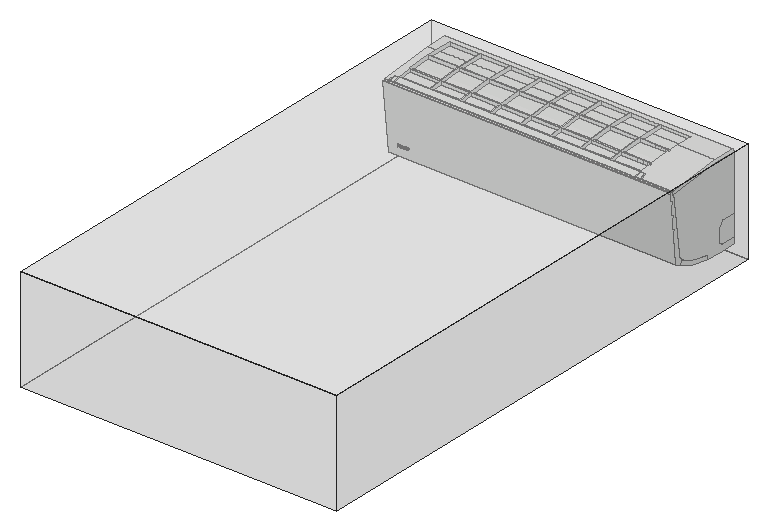
Revit family "outputfile", category 機械設備, Revit 2024
Family settings
  丸型コネクタ寸法 = 半径を使用
  パーツ タイプ = 標準
  OmniClass 番号 = 23.75.10.24.21.27.27
  OmniClass タイトル = Split System Air Conditioning Units
  作業面ベース = いいえ
  常に垂直 = はい
  ロード時にボイドで切り取り = いいえ
  注釈の向きを維持 = いいえ
  共有 = いいえ
  部屋計算ポイント = いいえ
Parameters (values of type "FTKF71DVA")
  Description = ""
  書き出し IFC クラス(タイプ) = "IfcUnitaryEquipmentType"
  定義済み IFC タイプ(タイプ) = "AIRCONDITIONINGUNIT"
  Cost = 0
  Type Comments = ""
  Keynote = ""
  Type Image = (empty or 0)
  Assembly Code = ""
  switch_frequency = yes
  lw_connection [instance] = if(Width = 730.0 mm, 85.0 mm, if(Width = 770.0 mm, 48.0 mm, 60.0 mm))  # 60.0 mm
  製造元 = "Daikin"
  モデル = "FTKF71DVA"
  r_Liquid Pipe Size = Liquid Pipe Size / 2  # 3.2 mm
  r_Gas Pipe Size = Gas Pipe Size / 2  # 6.35 mm
  r_Drain Pipe Size = Drain Pipe Size / 2  # 9.55 mm
  lw_powersupply [instance] = if(Width = 730.0 mm, if(or(Rear Right Connection_refrigerant, Bottom Right Connection_refrigerant), 65.0 mm, if(or(Rear Left Connection_refrigerant, Bottom Left Connection_refrigerant), 695.0 mm, 400.0 mm)), if(Width = 770.0 mm, if(or(Rear Right Connection_refrigerant, Bottom Right Connection_refrigerant), 68.0 mm, if(or(Rear Left Connection_refrigerant, Bottom Left Connection_refrigerant), 705.0 mm, 400.0 mm)), if(or(Rear Right Connection_refrigerant, Bottom Right Connection_refrigerant), 83.0 mm, if(or(Rear Left Connection_refrigerant, Bottom Left Connection_refrigerant), 928.0 mm, 400.0 mm))))  # 400.0 mm
  lw_liquidpipe [instance] = if(Width = 730.0 mm, if(or(Rear Right Connection_refrigerant, Bottom Right Connection_refrigerant), 0.0 mm, if(or(Rear Left Connection_refrigerant, Bottom Left Connection_refrigerant), 582.0 mm, 473.0 mm)), if(Width = 770.0 mm, if(or(Rear Right Connection_refrigerant, Bottom Right Connection_refrigerant), 0.0 mm, if(or(Rear Left Connection_refrigerant, Bottom Left Connection_refrigerant), 682.0 mm, 385.0 mm)), if(or(Rear Right Connection_refrigerant, Bottom Right Connection_refrigerant), 10.0 mm, if(or(Rear Left Connection_refrigerant, Bottom Left Connection_refrigerant), 858.0 mm, 435.0 mm))))  # 435.0 mm
  lw_gaspipe [instance] = if(Width = 730.0 mm, if(or(Rear Right Connection_refrigerant, Bottom Right Connection_refrigerant), 0.0 mm, if(or(Rear Left Connection_refrigerant, Bottom Left Connection_refrigerant), 576.0 mm, 428.0 mm)), if(Width = 770.0 mm, if(or(Rear Right Connection_refrigerant, Bottom Right Connection_refrigerant), 0.0 mm, if(or(Rear Left Connection_refrigerant, Bottom Left Connection_refrigerant), 675.0 mm, 335.0 mm)), if(or(Rear Right Connection_refrigerant, Bottom Right Connection_refrigerant), 0.0 mm, if(or(Rear Left Connection_refrigerant, Bottom Left Connection_refrigerant), 851.0 mm, 400.0 mm))))  # 400.0 mm
  lw_drainpipe [instance] = if(Width = 730.0 mm, if(or(Rear Right Connection_refrigerant, Bottom Right Connection_refrigerant), 0.0 mm, if(or(Rear Left Connection_refrigerant, Bottom Left Connection_refrigerant), 590.0 mm, 488.0 mm)), if(Width = 770.0 mm, if(or(Rear Right Connection_refrigerant, Bottom Right Connection_refrigerant), 0.0 mm, if(or(Rear Left Connection_refrigerant, Bottom Left Connection_refrigerant), 695.0 mm, 440.0 mm)), if(or(Rear Right Connection_refrigerant, Bottom Right Connection_refrigerant), 0.0 mm, if(or(Rear Left Connection_refrigerant, Bottom Left Connection_refrigerant), 888.0 mm, 475.0 mm))))  # 475.0 mm
  l_powersupply_length [instance] = if(Width = 730.0 mm, if(Right Connection_refrigerant, 400.0 mm, if(Left Connection_refrigerant, 330.0 mm, if(or(Bottom Left Connection_refrigerant, Bottom Right Connection_refrigerant), 57.0 mm, if(or(Rear Left Connection_refrigerant, Rear Right Connection_refrigerant), 15.0 mm, 50.0 mm)))), if(Width = 770.0 mm, if(Right Connection_refrigerant, 400.0 mm, if(Left Connection_refrigerant, 370.0 mm, if(or(Bottom Left Connection_refrigerant, Bottom Right Connection_refrigerant), 57.0 mm, if(or(Rear Left Connection_refrigerant, Rear Right Connection_refrigerant), 15.0 mm, 50.0 mm)))), if(Right Connection_refrigerant, 400.0 mm, if(Left Connection_refrigerant, 590.0 mm, if(or(Bottom Left Connection_refrigerant, Bottom Right Connection_refrigerant), 57.0 mm, if(or(Rear Left Connection_refrigerant, Rear Right Connection_refrigerant), 15.0 mm, 50.0 mm))))))  # 400.0 mm
  l_liquidpipe_length [instance] = if(Width = 730.0 mm, if(Right Connection_refrigerant, 558.0 mm, if(Left Connection_refrigerant, 172.0 mm, if(or(Bottom Left Connection_refrigerant, Bottom Right Connection_refrigerant), 48.0 mm, if(or(Rear Left Connection_refrigerant, Rear Right Connection_refrigerant), 30.0 mm, 40.0 mm)))), if(Width = 770.0 mm, if(Right Connection_refrigerant, 433.0 mm, if(Left Connection_refrigerant, 337.0 mm, if(or(Bottom Left Connection_refrigerant, Bottom Right Connection_refrigerant), 48.0 mm, if(or(Rear Left Connection_refrigerant, Rear Right Connection_refrigerant), 30.0 mm, 40.0 mm)))), if(Right Connection_refrigerant, 495.0 mm, if(Left Connection_refrigerant, 495.0 mm, if(or(Bottom Left Connection_refrigerant, Bottom Right Connection_refrigerant), 48.0 mm, if(or(Rear Left Connection_refrigerant, Rear Right Connection_refrigerant), 30.0 mm, 40.0 mm))))))  # 495.0 mm
  l_gaspipe_length [instance] = if(Width = 730.0 mm, if(Right Connection_refrigerant, 513.0 mm, if(Left Connection_refrigerant, 217.0 mm, if(or(Bottom Left Connection_refrigerant, Bottom Right Connection_refrigerant), 57.0 mm, if(or(Rear Left Connection_refrigerant, Rear Right Connection_refrigerant), 40.0 mm, 50.0 mm)))), if(Width = 770.0 mm, if(Right Connection_refrigerant, 383.0 mm, if(Left Connection_refrigerant, 387.0 mm, if(or(Bottom Left Connection_refrigerant, Bottom Right Connection_refrigerant), 57.0 mm, if(or(Rear Left Connection_refrigerant, Rear Right Connection_refrigerant), 40.0 mm, 50.0 mm)))), if(Right Connection_refrigerant, 460.0 mm, if(Left Connection_refrigerant, 530.0 mm, if(or(Bottom Left Connection_refrigerant, Bottom Right Connection_refrigerant), 57.0 mm, if(or(Rear Left Connection_refrigerant, Rear Right Connection_refrigerant), 40.0 mm, 50.0 mm))))))  # 460.0 mm
  l_drainpipe_length [instance] = if(Width = 730.0 mm, if(Right Connection_refrigerant, 573.0 mm, if(Left Connection_refrigerant, 157.0 mm, if(or(Bottom Left Connection_refrigerant, Bottom Right Connection_refrigerant), 35.0 mm, if(or(Rear Left Connection_refrigerant, Rear Right Connection_refrigerant), 15.0 mm, 20.0 mm)))), if(Width = 770.0 mm, if(Right Connection_refrigerant, 488.0 mm, if(Left Connection_refrigerant, 282.0 mm, if(or(Bottom Left Connection_refrigerant, Bottom Right Connection_refrigerant), 35.0 mm, if(or(Rear Left Connection_refrigerant, Rear Right Connection_refrigerant), 15.0 mm, 20.0 mm)))), if(Right Connection_refrigerant, 535.0 mm, if(Left Connection_refrigerant, 455.0 mm, if(or(Bottom Left Connection_refrigerant, Bottom Right Connection_refrigerant), 35.0 mm, if(or(Rear Left Connection_refrigerant, Rear Right Connection_refrigerant), 15.0 mm, 20.0 mm))))))  # 535.0 mm
  h*** = 0.0 mm  # constant formula
  connector_voltage = Voltage_60Hz  # 220 V
  connector_powerinput = [Power Input (Cooling)]  # 0.000 kW
  connector_phase = Phase_60Hz  # 1
  angle_vertical [instance] = if(or(Bottom Left Connection_refrigerant, Bottom Right Connection_refrigerant), 0.00°, 90.00°)  # 90.00°
  angle_horizontal [instance] = if(Right Connection_refrigerant, 90.00°, if(Left Connection_refrigerant, -90.00°, if(or(Rear Left Connection_refrigerant, Rear Right Connection_refrigerant), 180.00°, 0.00°)))  # 90.00°
  Width = 990.0 mm
  Voltage_comment_60Hz = "220"
  Voltage_60Hz = 220 V
  Version = "ver.1.0"
  Unit Type = "Wall Mounted"
  Unit Mass Weight = 13.00 kg
  Unit Designation [instance] = ""
  Uniclass2015Version = "Products v1.30"
  Uniclass2015Title = "Split coil room air conditioning units"
  Uniclass2015Code = "Pr_70_65_03_86"
  URL = ""
  Total Cooling Capacity [instance] = 0.000 kW
  Sound Pressure Level_M speed (dBA) = 41
  Sound Pressure Level_L speed (dBA) = 36
  Sound Pressure Level_H speed (dBA) = 43
  Sound Power Level_H speed (dB) = 0
  Series = "Single Split_Fan Coil Unit"
  Sensible Cooling Capacity [instance] = 0.000 kW
  Refrigerant Type = "R32"
  Power Input (Cooling) = 0.000 kW
  Phase_60Hz = 1
  Option Accessory 3 [instance] = ""
  Option Accessory 2 [instance] = ""
  Option Accessory 1 [instance] = ""
  Nominal Cooling Capacity = 7.030 kW
  Minimum Circuit Amps_60Hz = 0.0 A
  Minimum Airflow = 816.00 m³/h
  Median Airflow = 951.00 m³/h
  Maximum Fuse Amps_60Hz = 0.0 A
  Maximum Airflow = 1090.00 m³/h
  Material_Casing = DAIKIN_White_Casing_indoorunit
  Load Classification = HVAC
  Liquid Pipe Size = 6.4 mm
  Link_Nested Family [instance] = ""
  IfcVersion = ""
  IfcExportType = "AIRCONDITIONINGUNIT"
  IfcExportAs = "IfcUnitaryEquipmentType"
  Height = 297.0 mm
  Heat Exchanger Type = "Cross Fin Coil"
  Gas Pipe Size = 12.7 mm
  Frequency_60Hz = 60 Hz
  Fan Type = "Cross Flow Fan"
  Fan Drive = "Direct Drive"
  FCU Tag No. [instance] = ""
  Drain Pipe Size = 19.1 mm
  Design Supply Airflow [instance] = 0.00 m³/h
  Depth = 273.0 mm
  既定の高さ = 0.0 mm
  Cooling Entering Wet Bulb Temperature [instance] = 0.00 °C
  Cooling Entering Dry Bulb Temperature [instance] = 0.00 °C
  Cooling Ambient Wet Bulb Temperature [instance] = 0.00 °C
  Cooling Ambient Dry Bulb Temperature [instance] = 0.00 °C
  Clearance visibility [instance] = yes
  Clearance Top = 30.0 mm
  Clearance Right = 50.0 mm
  Clearance Rear = 0.0 mm
  Clearance Left = 50.0 mm
  Clearance Front = 1500.0 mm
  Clearance Bottom = 30.0 mm
  Bottom Right Connection_refrigerant [instance] = no
  Bottom Left Connection_refrigerant [instance] = no
  Rear Right Connection_refrigerant [instance] = no
  Rear Left Connection_refrigerant [instance] = no
  Right Connection_refrigerant [instance] = yes
  Left Connection_refrigerant [instance] = no
Reference planes
  plane 1 "Back": y = 0
  plane 2: z = 0
  plane 3 "Center (Left/Right)": x = 0
  plane 4 "Center (Front/Back)": y = -136.5
  plane 5 "Front": y = -273
  plane 6 "Left": x = -495
  plane 7 "Right": x = 495
  plane 8 "Top": z = 0
  plane 9 "Bottom": z = -297
  plane 10 "Front panel_Left": x = -493
  plane 11 "Front panel_Right": x = 493
  plane 12: x = 359
  plane 13: x = 354
  plane 14: x = -545
  plane 15: x = 545
  plane 16: y = 0
  plane 17: y = -213
  plane 18: z = 30
  plane 19: z = -327
  plane 20 "lw_Piping and Wiring intake": x = 435
  plane 21 "lw_gaspipe": x = 35
  plane 22 "lw_liquidpipe": x = 0
  plane 23 "lw_drainpipe": x = -40
  plane 24 "lh_drainpipe": z = -262
  plane 25 "lh_liquidpipe": z = -249
  plane 26 "lh_gaspipe": z = -240
  plane 27 "ld_drainpipe": y = -15
  plane 28 "ld_liquidpipe": y = -30
  plane 29 "ld_gaspipe": y = -40
  plane 30 "lw_powersupply": x = 95
  plane 31: y = -1773
Dimensions and locks
  equal spacing: plane 6 "Left", plane 3 "Center (Left/Right)", plane 7 "Right"
  "Width": plane 6 "Left" to plane 7 "Right"
  equal spacing: plane 5 "Front", plane 4 "Center (Front/Back)", plane 1 "Back"
  "Depth": plane 5 "Front" to plane 1 "Back"
  "Height": plane 8 "Top" to plane 9 "Bottom"
  locked: plane 10 "Front panel_Left" to plane 6 "Left" at 2
  locked: plane 7 "Right" to plane 11 "Front panel_Right" at 2
  locked: plane 7 "Right" to plane 12 at 136
  locked: plane 12 to plane 13 at 5
  "Clearance Rear": plane 16 to plane 1 "Back"
  "Clearance Top": plane 18 to plane 8 "Top"
  "Clearance Bottom": plane 9 "Bottom" to plane 19
  "lw_connection": plane 20 "lw_Piping and Wiring intake" to plane 7 "Right"
  "lw_gaspipe": plane 21 "lw_gaspipe" to plane 20 "lw_Piping and Wiring intake"
  "lw_liquidpipe": plane 22 "lw_liquidpipe" to plane 20 "lw_Piping and Wiring intake"
  "lw_drainpipe": plane 23 "lw_drainpipe" to plane 20 "lw_Piping and Wiring intake"
  locked: plane 24 "lh_drainpipe" to plane 9 "Bottom" at 35
  locked: plane 25 "lh_liquidpipe" to plane 9 "Bottom" at 48
  locked: plane 26 "lh_gaspipe" to plane 9 "Bottom" at 57
  locked: plane 27 "ld_drainpipe" to plane 1 "Back" at 15
  locked: plane 1 "Back" to plane 28 "ld_liquidpipe" at 30
  locked: plane 1 "Back" to plane 29 "ld_gaspipe" at 40
  "lw_powersupply": plane 30 "lw_powersupply" to plane 7 "Right"
  "Clearance Right": plane 7 "Right" to plane 15
  "Clearance Left": plane 14 to plane 6 "Left"
  "Clearance Front": plane 5 "Front" to plane 31
  aligned and locked: level to plane 2
  aligned and locked: plane 16 to nested 1
  aligned and locked: nested 1 to plane 14
  aligned and locked: nested 1 to plane 15
  aligned and locked: plane 19 to nested 1
  aligned and locked: plane 18 to nested 1
  aligned and locked: plane 21 "lw_gaspipe" to nested 2
  aligned and locked: nested 2 to plane 29 "ld_gaspipe"
  aligned and locked: plane 22 "lw_liquidpipe" to nested 3
  aligned and locked: nested 3 to plane 28 "ld_liquidpipe"
  aligned and locked: plane 23 "lw_drainpipe" to nested 4
  aligned and locked: nested 4 to plane 27 "ld_drainpipe"
  aligned and locked: nested 5 to plane 27 "ld_drainpipe"
  aligned and locked: plane 30 "lw_powersupply" to nested 5
  aligned and locked: level to plane 8 "Top"
  aligned and locked: nested 1 to plane 31
Nested families
  nested 1: "daikin_clearancespace" at (0, -886.5, -148.381), show <- "Clearance visibility", visible <- "Clearance visibility", Link_Nested Family <- "Link_Nested Family", type "daikin_clearancespace"
    with width 1090.0 mm, show yes, height 357.0 mm, depth 1773.0 mm, Link_Nested Family ""
  nested 2: "daikin_connector_rotate3" at (35, -40, -240), angle_vertical <- "angle_vertical", angle_horizontal <- "angle_horizontal", length <- "l_gaspipe_length", radius <- "r_Gas Pipe Size", type "daikin_connector_rotate3"
    with show no, radius 6.35 mm, length 460.0 mm, angle_vertical 90.00°, angle_horizontal 90.00°
  nested 3: "daikin_connector_rotate3" at (0, -30, -249), angle_vertical <- "angle_vertical", angle_horizontal <- "angle_horizontal", radius <- "r_Liquid Pipe Size", length <- "l_liquidpipe_length", type "daikin_connector_rotate3"
    with show no, radius 3.2 mm, length 495.0 mm, angle_vertical 90.00°, angle_horizontal 90.00°
  nested 4: "daikin_connector_rotate3" at (-40, -15, -262), angle_vertical <- "angle_vertical", angle_horizontal <- "angle_horizontal", length <- "l_drainpipe_length", radius <- "r_Drain Pipe Size", type "daikin_connector_rotate3"
    with show no, radius 9.55 mm, length 535.0 mm, angle_vertical 90.00°, angle_horizontal 90.00°
  nested 5: "daikin_connector_rotate3" at (95, -15, -240), angle_vertical <- "angle_vertical", angle_horizontal <- "angle_horizontal", length <- "l_powersupply_length", type "daikin_connector_rotate3"
    with show no, radius 10.0 mm, length 400.0 mm, angle_vertical 90.00°, angle_horizontal 90.00°
  nested 6: "DAIKIN_indoorunit_FTKF-DVA" at (-31, 0, 0), type "FTKF-DVA"
    with switch_unit1_60-71 yes, switch_unit1_20-25 no, Width 990.0 mm, WALL HOLE-R 48.0 mm, Height 297.0 mm
Connectors
  piping at (495, -40, -240), diameter 12.7, driven by "r_Gas Pipe Size"
    settings: on nested 2, index 1, connector inside diameter 609.6 mm, connector length 0.0 mm, flow factor 0, pipe flow 0.00 m³/h, pressure drop 0.0 Pa, fitting loss kfactor 0, connector angle 0.00°, fixture units 0, engagement length 0.0 mm, angle of deflection 0.00°, flow configuration 1, flow direction 2, fitting loss method 0, system type 29, joint type 0, gender type 0, connector reference index -1, connector utility 0, adjustable connector no, is connector primary yes, connector description "Refrigerant Gas Piping"
  piping at (495, -30, -249), diameter 6.4, driven by "r_Liquid Pipe Size"
    settings: on nested 3, index 2, connector inside diameter 609.6 mm, connector length 0.0 mm, flow factor 0, pipe flow 0.00 m³/h, pressure drop 0.0 Pa, fitting loss kfactor 0, connector angle 0.00°, fixture units 0, engagement length 0.0 mm, angle of deflection 0.00°, flow configuration 1, flow direction 1, fitting loss method 0, system type 29, joint type 0, gender type 0, connector reference index -1, connector utility 0, adjustable connector no, is connector primary no, connector description "Refrigerant Liquid Piping"
  piping at (495, -15, -262), diameter 19.1, driven by "r_Drain Pipe Size"
    settings: on nested 4, index 3, connector inside diameter 609.6 mm, connector length 0.0 mm, flow factor 0, pipe flow 0.00 m³/h, pressure drop 0.0 Pa, fitting loss kfactor 0, connector angle 0.00°, fixture units 0, engagement length 0.0 mm, angle of deflection 0.00°, flow configuration 1, flow direction 2, fitting loss method 4, system type 16, joint type 0, gender type 0, connector reference index -1, connector utility 0, adjustable connector no, is connector primary no, connector description "Condensate Drain Piping"
  electrical at (495, -15, -240), driven by "Load Classification", driven by "connector_voltage", driven by "connector_phase", driven by "connector_powerinput"
    settings: on nested 5, index 4, voltage 220 V, apparent load 0 VA, apparent load phase1 0 VA, apparent load phase2 0 VA, apparent load phase3 0 VA, power factor 1, load classification "HVAC", number of poles 1, system type 30, power factor state 1, is connector primary yes, connector utility no, sub classification motor no, connector description "Power Supply"
Definition of nested family "daikin_clearancespace"
  Parameters (values of type "daikin_clearancespace")
    Description = "daikin_clearancespace"
    width [instance] = 1823.963 mm
    show [instance] = yes
    material = none
    height [instance] = 1359.762 mm
    depth [instance] = 880.0 mm
    Default Elevation = 0.0 mm
    Link_Nested Family [instance] = ""
  Reference planes
    plane 1 "Center (Front/Back)": y = 0
    plane 2 "Center (Elevation)": z = -0.119
    plane 3 "Center (Left/Right)": x = 0
    plane 4: y = 440
    plane 5: y = -440
    plane 6 "Right": x = 911.982
    plane 7 "Left": x = -911.982
    plane 8 "Top": z = 679.762
    plane 9 "Bottom": z = -680
  Forms (mm)
    Extrusion 1, solid, material <- "material", visible <- "show"
      sketch origin (0, 0, 0) x (1, 0, 0) y (0, 1, 0)
        loop
          line (-911.982, 440) -> (-911.982, -440) -> (911.982, -440) -> (911.982, 440) -> (-911.982, 440)
      from -680 to 679.762
  Lines and regions (mm)
    symbolic lines, visible <- "show"
      curve 1: line (911.982, 440, 0) -> (-911.982, 440, 0)
      curve 2: line (-911.982, 440, 0) -> (-911.982, -440, 0)
      curve 3: line (-911.982, -440, 0) -> (911.982, -440, 0)
      curve 4: line (911.982, -440, 0) -> (911.982, 440, 0)
      curve 5: line (911.982, 0, 679.762) -> (-911.982, 0, 679.762)
      curve 6: line (911.982, 0, -680) -> (911.982, 0, 679.762)
      curve 7: line (-911.982, 0, -680) -> (911.982, 0, -680)
      curve 8: line (-911.982, 0, 679.762) -> (-911.982, 0, -680)
      curve 9: line (0, 440, 679.762) -> (0, -440, 679.762)
      curve 10: line (0, -440, 679.762) -> (0, -440, -680)
      curve 11: line (0, 440, -680) -> (0, 440, 679.762)
      curve 12: line (0, -440, -680) -> (0, 440, -680)
  Dimensions and locks
    "width": plane 7 "Left" to plane 6 "Right"
    "depth": plane 4 to plane 5
    "height": plane 8 "Top" to plane 9 "Bottom"
    equal spacing: plane 7 "Left", plane 3 "Center (Left/Right)", plane 6 "Right"
    equal spacing: plane 4, plane 1 "Center (Front/Back)", plane 5
    equal spacing: plane 8 "Top", plane 2 "Center (Elevation)", plane 9 "Bottom"
    aligned and locked: level to plane 2 "Center (Elevation)"
    aligned and locked: Extrusion 1 sketch curve to plane 4
    aligned and locked: plane 7 "Left" to Extrusion 1 sketch curve
    aligned and locked: Extrusion 1 sketch curve to plane 5
    aligned and locked: Extrusion 1 sketch curve to plane 6 "Right"
    aligned and locked: plane 8 "Top" to Extrusion 1
    aligned and locked: curve 1 to Extrusion 1
    aligned and locked: curve 2 to Extrusion 1
    aligned and locked: curve 3 to Extrusion 1
    aligned and locked: curve 4 to Extrusion 1
    aligned and locked: curve 5 to Extrusion 1
    aligned and locked: curve 6 to Extrusion 1
    aligned and locked: curve 7 to Extrusion 1
    aligned and locked: curve 8 to Extrusion 1
    aligned and locked: curve 9 to Extrusion 1
    aligned and locked: curve 10 to Extrusion 1
    aligned and locked: curve 11 to Extrusion 1
    aligned and locked: curve 12 to Extrusion 1
    aligned and locked: Extrusion 1 to plane 9 "Bottom"
Definition of nested family "DAIKIN_indoorunit_FTKF-DVA"
  Parameters (values of type "FTKF-DVA")
    switch_unit1_60-71 = Width = 990.0 mm  # no
    switch_unit1_35-50 = Width = 770.0 mm  # no
    switch_unit1_20-25 = Width = 730.0 mm  # yes
    Width = 730.0 mm
    WALL HOLE-R = if(Width = 730.0 mm, 79.0 mm, 48.0 mm)  # 79.0 mm
    Material_Casing = none
    Height = if(Width = 730.0 mm, 280.0 mm, if(Width = 770.0 mm, 288.0 mm, 297.0 mm))  # 280.0 mm
    Default Elevation = 0.0 mm
  Reference planes
    plane 1 "Center (Front/Back)": y = 0
    plane 2 "reference_level": z = 0
    plane 3 "Center (Left/Right)": x = 31
    plane 4: x = -334
    plane 5: x = 396
    plane 6: z = -280
  Forms (mm)
    Extrusion 1, solid, material <- "Material_Casing", visible <- "switch_unit1_20-25"
      sketch origin (31, 0, 0) x (0, 1, 0) y (0, 0, 1)
        loop
          line (-109.519, -8) -> (-2.596, -8) -> (-8.198, 0) -> (-109.608, 0)
          arc (-109.608, 0) -> (-157.226, -5.2) -> (-202.599, -20.555) r 220.623
          line (-202.599, -20.555) -> (-202.447, -29.25)
          arc (-202.447, -29.25) -> (-157.182, -13.38) -> (-109.519, -8) r 213.82
      from -365 to 365
    Extrusion 2, solid, material <- "Material_Casing", visible <- "switch_unit1_20-25"
      sketch origin (416, 1304.033, 1200.206) x (0, 1, 0) y (0, 0, 1)
        loop
          arc (-1496.513, -1423.164) -> (-1487.225, -1434.204) -> (-1476.373, -1443.711) r 95
          arc (-1476.373, -1443.711) -> (-1448.371, -1461.92) -> (-1418.191, -1476.232) r 250
          line (-1418.191, -1476.232) -> (-1418.191, -1465.318)
          arc (-1418.191, -1465.318) -> (-1445.052, -1452.134) -> (-1470.063, -1435.711) r 240
          arc (-1470.063, -1435.711) -> (-1477.766, -1429.186) -> (-1484.641, -1421.794) r 85
          line (-1484.641, -1421.794) -> (-1496.513, -1423.164)
      from -20 to -177
    Extrusion 3, solid, material <- "Material_Casing", visible <- "switch_unit1_20-25"
      sketch origin (31, 0, 0) x (0, 1, 0) y (0, 0, 1)
        loop
          line (-202.769, -10.816) -> (-211.618, -13.692)
          arc (-211.618, -13.692) -> (-212.628, -14.432) -> (-213, -15.629) r 2
          line (-213, -15.629) -> (-210.348, -167.5)
          arc (-210.348, -167.5) -> (-206.029, -195.818) -> (-193.465, -221.562) r 95
          line (-193.465, -221.562) -> (-181.653, -220.199)
          arc (-181.653, -220.199) -> (-195.31, -195.356) -> (-200.037, -167.403) r 85
          line (-200.037, -167.403) -> (-202.769, -10.816)
      from -365 to 365
    Extrusion 4, solid, material <- "Material_Casing", visible <- "switch_unit1_20-25"
      sketch origin (31, 0, 0) x (0, 1, 0) y (0, 0, 1)
        loop
          line (0, -280) -> (0, -11.707) -> (-2.596, -8) -> (-109.519, -8)
          arc (-109.519, -8) -> (-156.378, -13.198) -> (-200.959, -28.539) r 213.82
          line (-200.959, -28.539) -> (-198.537, -167.295)
          arc (-198.537, -167.295) -> (-189.766, -204.754) -> (-165.131, -234.305) r 83.5
          arc (-165.131, -234.305) -> (-139.841, -250.873) -> (-112.659, -264.109) r 238.5
          line (-112.659, -264.109) -> (-112.659, -276.338)
          arc (-112.659, -276.338) -> (-100.834, -279.079) -> (-88.731, -280) r 80
          line (-88.731, -280) -> (0, -280)
      from -365 to 365
    Extrusion 5, solid, material <- "Material_Casing", visible <- "switch_unit1_20-25"
      sketch origin (-354, 1304.033, 1200.206) x (0, 1, 0) y (0, 0, 1)
        loop
          arc (-1496.513, -1423.164) -> (-1487.225, -1434.204) -> (-1476.373, -1443.711) r 95
          arc (-1476.373, -1443.711) -> (-1448.371, -1461.92) -> (-1418.191, -1476.232) r 250
          line (-1418.191, -1476.232) -> (-1418.191, -1465.318)
          arc (-1418.191, -1465.318) -> (-1445.052, -1452.134) -> (-1470.063, -1435.711) r 240
          arc (-1470.063, -1435.711) -> (-1477.766, -1429.186) -> (-1484.641, -1421.794) r 85
          line (-1484.641, -1421.794) -> (-1496.513, -1423.164)
      from 72 to 20
    Extrusion 6, solid, material <- "Material_Casing", visible <- "switch_unit1_20-25"
      sketch origin (31, 7.782, 0.206) x (0, 1, 0) y (0, 0, 1)
        loop
          line (-188.39, -221.794) -> (-200.262, -223.164)
          arc (-200.262, -223.164) -> (-190.975, -234.204) -> (-180.122, -243.711) r 95
          arc (-180.122, -243.711) -> (-152.12, -261.92) -> (-121.941, -276.232) r 250
          line (-121.941, -276.232) -> (-121.941, -265.318)
          arc (-121.941, -265.318) -> (-148.801, -252.134) -> (-173.813, -235.711) r 240
          arc (-173.813, -235.711) -> (-181.515, -229.186) -> (-188.39, -221.794) r 85
      from 204 to -309
    Extrusion 7, void
      sketch origin (31, 0, -235) x (1, 0, 0) y (0, 1, 0)
        loop
          line (-324.633, -72.419) -> (-304, -73.5) -> (-234.9, -73.5) -> (-234.9, -24.5) -> (-324.633, -24.5) -> (-324.633, -72.419)
        loop
          line (-304, -74.9) -> (-324.633, -75.939) -> (-324.633, -139.819) -> (-304, -140.9) -> (-234.9, -140.9) -> (-234.9, -74.9) -> (-304, -74.9)
        loop
          line (-304, -142.3) -> (-324.633, -143.326) -> (-324.633, -182.209) -> (-300, -183.5) -> (-234.9, -183.5) -> (-234.9, -142.3) -> (-304, -142.3)
        loop
          line (-233.5, -142.3) -> (-233.5, -183.5) -> (-146.9, -183.5) -> (-146.9, -142.3) -> (-233.5, -142.3)
        loop
          line (-233.5, -140.9) -> (-146.9, -140.9) -> (-146.9, -74.9) -> (-233.5, -74.9) -> (-233.5, -140.9)
        loop
          line (-233.5, -73.5) -> (-146.9, -73.5) -> (-146.9, -24.5) -> (-233.5, -24.5) -> (-233.5, -73.5)
        loop
          line (-145.5, -73.5) -> (-74.9, -73.5) -> (-54.9, -72.452) -> (-54.9, -24.5) -> (-145.5, -24.5) -> (-145.5, -73.5)
        loop
          line (-145.5, -74.9) -> (-145.5, -140.9) -> (-74.9, -140.9) -> (-54.9, -139.852) -> (-54.9, -75.948) -> (-74.9, -74.9) -> (-145.5, -74.9)
        loop
          line (-145.5, -142.3) -> (-145.5, -183.5) -> (-74.9, -183.5) -> (-54.9, -182.452) -> (-54.9, -143.348) -> (-74.9, -142.3) -> (-145.5, -142.3)
        loop
          line (-53.5, -24.5) -> (-53.5, -72.452) -> (-33.5, -73.5) -> (36.5, -73.5) -> (36.5, -24.5) -> (-53.5, -24.5)
        loop
          line (-53.5, -75.948) -> (-53.5, -139.852) -> (-33.5, -140.9) -> (36.5, -140.9) -> (36.5, -74.9) -> (-33.5, -74.9) -> (-53.5, -75.948)
        loop
          line (-33.5, -142.3) -> (-53.5, -143.348) -> (-53.5, -182.452) -> (-33.5, -183.5) -> (36.5, -183.5) -> (36.5, -142.3) -> (-33.5, -142.3)
        loop
          line (37.9, -24.5) -> (37.9, -73.5) -> (124.9, -73.5) -> (124.9, -24.5) -> (37.9, -24.5)
        loop
          line (37.9, -74.9) -> (37.9, -140.9) -> (124.9, -140.9) -> (124.9, -74.9) -> (37.9, -74.9)
        loop
          line (37.9, -142.3) -> (37.9, -183.5) -> (124.9, -183.5) -> (124.9, -142.3) -> (37.9, -142.3)
        loop
          line (126.3, -24.5) -> (126.3, -73.5) -> (195.6, -73.5) -> (216, -72.431) -> (216, -24.5) -> (126.3, -24.5)
        loop
          line (126.3, -74.9) -> (126.3, -140.9) -> (198.5, -140.9) -> (216, -139.983) -> (216, -75.817) -> (198.5, -74.9) -> (126.3, -74.9)
        loop
          line (126.3, -142.3) -> (126.3, -183.5) -> (198.337, -183.5) -> (216, -182.623) -> (216, -143.217) -> (198.5, -142.3) -> (126.3, -142.3)
      from 201.638 to 250
    Extrusion 8, solid, material <- "Material_Casing"
      sketch origin (31, 0, 0) x (1, 0, 0) y (0, 0, 1)
        loop
          circle (286, -235) r 40
        loop
          circle (-317, -235) r 40
      from 0 to 5
    Extrusion 9, solid, material <- "Material_Casing", visible <- "switch_unit1_20-25"
      sketch origin (396, 1296.25, 1200) x (0, -1, 0) y (0, 0, 1)
        loop
          line (1326.25, -1413) -> (1296.25, -1413) -> (1296.25, -1473) -> (1326.25, -1473)
          arc (1326.25, -1473) -> (1340.393, -1467.142) -> (1346.25, -1453) r 20
          line (1346.25, -1453) -> (1346.25, -1433)
          arc (1346.25, -1433) -> (1340.393, -1418.858) -> (1326.25, -1413) r 20
      from 0 to 5
    Extrusion 10, solid, material <- "Material_Casing", visible <- "switch_unit1_20-25"
      sketch origin (-334, 1296.25, 1200) x (0, 1, 0) y (0, 0, 1)
        loop
          line (-1296.25, -1413) -> (-1326.25, -1413)
          arc (-1326.25, -1413) -> (-1340.393, -1418.858) -> (-1346.25, -1433) r 20
          line (-1346.25, -1433) -> (-1346.25, -1453)
          arc (-1346.25, -1453) -> (-1340.393, -1467.142) -> (-1326.25, -1473) r 20
          line (-1326.25, -1473) -> (-1296.25, -1473) -> (-1296.25, -1413)
      from 0 to 5
    Extrusion 11, solid, material <- "Material_Casing", visible <- "switch_unit1_20-25"
      sketch origin (11, 0, -285) x (-1, 0, 0) y (0, -1, 0)
        loop
          line (-279, 0) -> (-279, 30)
          arc (-279, 30) -> (-284.419, 43.081) -> (-297.5, 48.5) r 18.5
          line (-297.5, 48.5) -> (-320.5, 48.5)
          arc (-320.5, 48.5) -> (-333.581, 43.081) -> (-339, 30) r 18.5
          line (-339, 30) -> (-339, 0) -> (-279, 0)
        loop
          line (326, 0) -> (326, 30)
          arc (326, 30) -> (320.581, 43.081) -> (307.5, 48.5) r 18.5
          line (307.5, 48.5) -> (284.5, 48.5)
          arc (284.5, 48.5) -> (271.419, 43.081) -> (266, 30) r 18.5
          line (266, 30) -> (266, 0) -> (326, 0)
      from 10 to 5
    Extrusion 12, solid, material <- "Material_Casing", visible <- "switch_unit1_35-50"
      sketch origin (31, 0, 0) x (0, 1, 0) y (0, 0, 1)
        loop
          line (-5, 0) -> (-45.84, 0)
          arc (-45.84, 0) -> (-135.906, -3.965) -> (-225.275, -15.831) r 1024.823
          arc (-225.275, -15.831) -> (-224.639, -21.302) -> (-223.878, -26.758) r 241.564
          arc (-223.878, -26.758) -> (-135.207, -14.947) -> (-45.84, -11) r 1013.66
          line (-45.84, -11) -> (0, -11) -> (0, -9.02) -> (-5, 0)
      from -385 to 385
    Extrusion 13, solid, material <- "Material_Casing", visible <- "switch_unit1_35-50"
      sketch origin (31, 0, 0) x (0, 1, 0) y (0, 0, 1)
        loop
          arc (-226.673, -12.416) -> (-229.519, -12.929) -> (-232.363, -13.449) r 1025.776
          arc (-232.363, -13.449) -> (-233.586, -14.198) -> (-233.994, -15.573) r 2
          line (-233.994, -15.573) -> (-218.08, -217.408)
          arc (-218.08, -217.408) -> (-211.296, -237.286) -> (-195.807, -251.472) r 42.415
          line (-195.807, -251.472) -> (-186.556, -243.946)
          arc (-186.556, -243.946) -> (-193.981, -235.221) -> (-197.648, -224.366) r 30.386
          line (-197.648, -224.366) -> (-226.673, -12.416)
      from -385 to 385
    Extrusion 14, void
      sketch origin (33, 0, 0) x (1, 0, 0) y (0, 1, 0)
        loop
          line (-357.499, -23.5) -> (-357.499, -96.7) -> (-255.999, -96.7) -> (-255.999, -23.5) -> (-357.499, -23.5)
        loop
          line (-255.999, -99.1) -> (-357.499, -99.1) -> (-357.499, -170.1) -> (-255.999, -170.1) -> (-255.999, -99.1)
        loop
          line (-255.999, -171.7) -> (-357.499, -171.7) -> (-357.499, -201.7) -> (-255.999, -201.7) -> (-255.999, -171.7)
        loop
          line (-253.399, -23.5) -> (-253.399, -96.7) -> (-153.899, -96.7) -> (-153.899, -23.5) -> (-253.399, -23.5)
        loop
          line (-253.399, -99.1) -> (-253.399, -170.1) -> (-153.899, -170.1) -> (-153.899, -99.1) -> (-253.399, -99.1)
        loop
          line (-153.899, -171.7) -> (-253.399, -171.7) -> (-253.399, -201.7) -> (-153.899, -201.7) -> (-153.899, -171.7)
        loop
          line (-56.549, -23.5) -> (-151.299, -23.5) -> (-151.299, -96.7) -> (-56.549, -96.7) -> (-56.549, -23.5)
        loop
          line (-151.299, -99.1) -> (-151.299, -170.1) -> (-56.549, -170.1) -> (-56.549, -99.1) -> (-151.299, -99.1)
        loop
          line (-56.549, -171.7) -> (-151.299, -171.7) -> (-151.299, -201.7) -> (-56.549, -201.7) -> (-56.549, -171.7)
        loop
          line (50.301, -23.5) -> (-44.549, -23.5) -> (-44.549, -96.7) -> (50.301, -96.7) -> (50.301, -23.5)
        loop
          line (-44.549, -99.1) -> (-44.549, -170.1) -> (50.301, -170.1) -> (50.301, -99.1) -> (-44.549, -99.1)
        loop
          line (50.301, -171.7) -> (-44.549, -171.7) -> (-44.549, -201.7) -> (50.301, -201.7) -> (50.301, -171.7)
        loop
          line (52.901, -23.5) -> (52.901, -96.7) -> (152.401, -96.7) -> (152.401, -23.5) -> (52.901, -23.5)
        loop
          line (52.901, -99.1) -> (52.901, -170.1) -> (152.401, -170.1) -> (152.401, -99.1) -> (52.901, -99.1)
        loop
          line (52.901, -171.7) -> (52.901, -201.7) -> (152.401, -201.7) -> (152.401, -171.7) -> (52.901, -171.7)
        loop
          line (155.001, -23.5) -> (155.001, -96.7) -> (256.501, -96.7) -> (256.501, -23.5) -> (155.001, -23.5)
        loop
          line (155.001, -99.1) -> (155.001, -170.1) -> (217.501, -170.1) -> (229.501, -170.1) -> (241.501, -170.1) -> (256.501, -170.1) -> (256.501, -152.1) -> (256.501, -134.1) -> (256.501, -116.1) -> (256.501, -99.1) -> (241.501, -99.1) -> (229.501, -99.1) -> (217.501, -99.1) -> (155.001, -99.1)
        loop
          line (155.001, -171.7) -> (155.001, -201.7) -> (217.501, -201.7) -> (229.501, -201.7) -> (241.501, -201.7) -> (256.501, -201.7) -> (256.501, -171.7) -> (241.501, -171.7) -> (229.501, -171.7) -> (217.501, -171.7) -> (155.001, -171.7)
      from -40.013 to 47.268
    Extrusion 15, solid, material <- "Material_Casing", visible <- "switch_unit1_35-50"
      sketch origin (-356, 1308.25, 1200) x (0, 1, 0) y (0, 0, -1)
        loop
          line (-1407.524, 1473.254) -> (-1407.524, 1484.154)
          arc (-1407.524, 1484.154) -> (-1456.679, 1472.122) -> (-1503.106, 1451.987) r 299.52
          line (-1503.106, 1451.987) -> (-1494.032, 1444.604)
          arc (-1494.032, 1444.604) -> (-1451.915, 1462.363) -> (-1407.524, 1473.254) r 288.723
      from -2 to -49.5
    Extrusion 16, solid, material <- "Material_Casing", visible <- "switch_unit1_35-50"
      sketch origin (418, 1308.25, 1200) x (0, 1, 0) y (0, 0, 1)
        loop
          arc (-1407.524, -1473.254) -> (-1451.915, -1462.363) -> (-1494.032, -1444.604) r 288.723
          line (-1494.032, -1444.604) -> (-1503.106, -1451.987)
          arc (-1503.106, -1451.987) -> (-1456.679, -1472.122) -> (-1407.524, -1484.154) r 299.52
          line (-1407.524, -1484.154) -> (-1407.524, -1473.254)
      from -2 to -119.5
    Extrusion 17, solid, material <- "Material_Casing", visible <- "switch_unit1_35-50"
      sketch origin (418, 1308.25, 1200) x (0, 1, 0) y (0, 0, 1)
        loop
          line (-1407.524, -1484.154) -> (-1407.524, -1473.254)
          arc (-1407.524, -1473.254) -> (-1451.915, -1462.363) -> (-1494.032, -1444.604) r 288.723
          line (-1494.032, -1444.604) -> (-1503.106, -1451.987)
          arc (-1503.106, -1451.987) -> (-1456.679, -1472.122) -> (-1407.524, -1484.154) r 299.52
      from -119.5 to -724.5
    Extrusion 18, solid, material <- "Material_Casing", visible <- "switch_unit1_35-50"
      sketch origin (31, 0, -30) x (0, 1, 0) y (0, 0, 1)
        loop
          arc (-45.84, 19) -> (-135.218, 15.052) -> (-223.901, 3.238) r 1013.66
          line (-223.901, 3.238) -> (-196.855, -194.257)
          arc (-196.855, -194.257) -> (-192.985, -205.344) -> (-185.107, -214.052) r 29.589
          arc (-185.107, -214.052) -> (-142.926, -231.76) -> (-98.473, -242.568) r 288.081
          line (-98.473, -242.568) -> (-98.525, -254.271)
          arc (-98.525, -254.271) -> (-75.337, -257.066) -> (-52, -258) r 292.099
          line (-52, -258) -> (0, -258) -> (0, 19) -> (-45.84, 19)
      from -385 to 385
    Extrusion 19, solid, material <- "Material_Casing", visible <- "switch_unit1_35-50"
      sketch origin (416, 1296.25, 1200) x (0, -1, 0) y (0, 0, 1)
        loop
          line (1329.05, -1409.6) -> (1296.25, -1409.6) -> (1296.25, -1469.6) -> (1329.05, -1469.6)
          arc (1329.05, -1469.6) -> (1342.627, -1463.976) -> (1348.25, -1450.4) r 19.2
          line (1348.25, -1450.4) -> (1348.25, -1428.8)
          arc (1348.25, -1428.8) -> (1342.627, -1415.224) -> (1329.05, -1409.6) r 19.2
      from 0 to 5
    Extrusion 20, solid, material <- "Material_Casing", visible <- "switch_unit1_35-50"
      sketch origin (-349, 1296.25, 1200) x (0, -1, 0) y (0, 0, 1)
        loop
          line (1329.05, -1409.6) -> (1296.25, -1409.6) -> (1296.25, -1469.6) -> (1329.05, -1469.6)
          arc (1329.05, -1469.6) -> (1342.627, -1463.976) -> (1348.25, -1450.4) r 19.2
          line (1348.25, -1450.4) -> (1348.25, -1428.8)
          arc (1348.25, -1428.8) -> (1342.627, -1415.224) -> (1329.05, -1409.6) r 19.2
      from 0 to 5
    Extrusion 21, solid, material <- "Material_Casing", visible <- "switch_unit1_35-50"
      sketch origin (31, 200, -288) x (-1, 0, 0) y (0, -1, 0)
        loop
          line (369, 200) -> (369, 232)
          arc (369, 232) -> (363.142, 246.142) -> (349, 252) r 20
          line (349, 252) -> (329, 252)
          arc (329, 252) -> (314.858, 246.142) -> (309, 232) r 20
          line (309, 232) -> (309, 200) -> (369, 200)
        loop
          line (-369, 200) -> (-309, 200) -> (-309, 232)
          arc (-309, 232) -> (-314.858, 246.142) -> (-329, 252) r 20
          line (-329, 252) -> (-349, 252)
          arc (-349, 252) -> (-363.142, 246.142) -> (-369, 232) r 20
          line (-369, 232) -> (-369, 200)
      from 0 to 5
    Extrusion 22, void
      sketch origin (0, 0, 0) x (1, 0, 0) y (0, 1, 0)
        loop
          line (-308, -185.757) -> (-308, -202.769) -> (262, -202.769) -> (262, -185.757) -> (-308, -185.757)
      from -35 to 0
    Extrusion 23, solid, material <- "Material_Casing", visible <- "switch_unit1_20-25"
      sketch origin (0, 0, 0) x (1, 0, 0) y (0, 1, 0)
        loop
          line (-308, -185.757) -> (-308, -202.757) -> (-293, -202.757) -> (-293, -185.757) -> (-308, -185.757)
        loop
          line (262, -185.757) -> (247, -185.757) -> (247, -202.757) -> (262, -202.757) -> (262, -185.757)
      from -35 to 0
    Extrusion 24, solid, material <- "Material_Casing", visible <- "switch_unit1_20-25"
      sketch origin (0, 0, 0) x (1, 0, 0) y (0, 1, 0)
        loop
          line (-293, -190.757) -> (-293, -202.757) -> (247, -202.757) -> (247, -190.757) -> (203.171, -190.757) -> (203.171, -194.257)
          arc (203.171, -194.257) -> (202.732, -195.318) -> (201.671, -195.757) r 1.5
          line (201.671, -195.757) -> (180.129, -195.757)
          arc (180.129, -195.757) -> (179.068, -195.318) -> (178.629, -194.257) r 1.5
          line (178.629, -194.257) -> (178.629, -190.757) -> (46.421, -190.757) -> (46.421, -194.257)
          arc (46.421, -194.257) -> (45.982, -195.318) -> (44.921, -195.757) r 1.5
          line (44.921, -195.757) -> (23.379, -195.757)
          arc (23.379, -195.757) -> (22.318, -195.318) -> (21.879, -194.257) r 1.5
          line (21.879, -194.257) -> (21.879, -190.757) -> (-68.079, -190.757) -> (-68.079, -194.257)
          arc (-68.079, -194.257) -> (-68.518, -195.318) -> (-69.579, -195.757) r 1.5
          line (-69.579, -195.757) -> (-91.121, -195.757)
          arc (-91.121, -195.757) -> (-92.182, -195.318) -> (-92.621, -194.257) r 1.5
          line (-92.621, -194.257) -> (-92.621, -190.757) -> (-224.829, -190.757) -> (-224.829, -194.257)
          arc (-224.829, -194.257) -> (-225.268, -195.318) -> (-226.329, -195.757) r 1.5
          line (-226.329, -195.757) -> (-247.871, -195.757)
          arc (-247.871, -195.757) -> (-248.932, -195.318) -> (-249.371, -194.257) r 1.5
          line (-249.371, -194.257) -> (-249.371, -190.757) -> (-293, -190.757)
      from -35 to 0
    Extrusion 25, void
      sketch origin (31, 0, 0) x (0, 1, 0) y (0, 0, 1)
        loop
          line (-185.757, -13.903) -> (-185.757, 0) -> (-205.202, 0) -> (-205.202, -21.715)
          arc (-205.202, -21.715) -> (-195.563, -17.601) -> (-185.757, -13.903) r 245
        loop
          line (-205.202, -30.526) -> (-205.202, -35) -> (-185.757, -35) -> (-185.757, -22.404)
          arc (-185.757, -22.404) -> (-195.57, -26.249) -> (-205.202, -30.526) r 237
      from 231 to -339
    Extrusion 26, void
      sketch origin (0, 0, 0) x (1, 0, 0) y (0, 1, 0)
        loop
          line (-341.401, -199.9) -> (-342.412, -238.673) -> (306.373, -238.673)
          spline (306.373, -238.673) -> (306.288, -235.451) -> (306.202, -232.228) -> (306.116, -229.002) -> (306.031, -225.775) -> (305.945, -222.546) -> (305.859, -219.316) -> (305.774, -216.084) -> (305.688, -212.85) -> (305.602, -209.615) -> (305.517, -206.378) -> (305.431, -203.14) -> (305.345, -199.9)
          line (305.345, -199.9) -> (290.148, -199.9) -> (290.015, -203.69) -> (-326.04, -203.69) -> (-326.173, -199.9) -> (-341.401, -199.9)
      from 0 to -34.101
    Extrusion 27, solid, material <- "Material_Casing", visible <- "switch_unit1_35-50"
      sketch origin (0, 0, 0) x (1, 0, 0) y (0, 1, 0)
        loop
          line (-324.05, -226.673) -> (-324.05, -203.69) -> (-326.04, -203.69) -> (-326.173, -199.9) -> (-341.401, -199.9) -> (-342.099, -226.673) -> (-324.05, -226.673)
        loop
          line (305.344, -199.9) -> (290.148, -199.9) -> (290.015, -203.69) -> (288.001, -203.69) -> (288.001, -226.673) -> (306.055, -226.673) -> (305.344, -199.9)
      from 0 to -30
    Extrusion 28, solid, material <- "Material_Casing", visible <- "switch_unit1_35-50"
      sketch origin (0, 0, 0) x (1, 0, 0) y (0, 1, 0)
        loop
          line (288.001, -203.69) -> (-324.05, -203.69) -> (-324.05, -226.673) -> (288.001, -226.673) -> (288.001, -203.69)
      from 0 to -30
    Extrusion 29, void
      sketch origin (31, 0, 0) x (0, 1, 0) y (0, 0, 1)
        loop
          arc (-223.878, -26.758) -> (-224.639, -21.302) -> (-225.275, -15.831) r 241.564
          arc (-225.275, -15.831) -> (-212.6, -13.659) -> (-199.9, -11.646) r 1024.823
          line (-199.9, -11.646) -> (-199.9, 0) -> (-238.673, 0) -> (-238.673, -30) -> (-199.9, -30) -> (-199.9, -22.776)
          arc (-199.9, -22.776) -> (-211.901, -24.695) -> (-223.878, -26.758) r 1013.66
      from -385 to 385
    Extrusion 30, void
      sketch origin (31, 12, 0) x (0, 1, 0) y (0, 0, 1)
        loop
          arc (-201.887, -254.601) -> (-173.585, -267.35) -> (-144.115, -277.1) r 299.52
          line (-144.115, -277.1) -> (-122.392, -277.1)
          arc (-122.392, -277.1) -> (-157.174, -267.937) -> (-190.58, -254.601) r 294.52
          line (-190.58, -254.601) -> (-201.887, -254.601)
      from 303 to 335
    Extrusion 31, solid, material <- "Material_Casing", visible <- "switch_unit1_35-50"
      sketch origin (31, 12, 0) x (0, 1, 0) y (0, 0, 1)
        loop
          arc (-201.887, -254.601) -> (-173.585, -267.35) -> (-144.115, -277.1) r 299.52
          line (-144.115, -277.1) -> (-122.392, -277.1)
          arc (-122.392, -277.1) -> (-157.174, -267.937) -> (-190.58, -254.601) r 294.52
          line (-190.58, -254.601) -> (-201.887, -254.601)
      from 303 to 335
    Extrusion 32, void
      sketch origin (31, 12, 0) x (0, 1, 0) y (0, 0, 1)
        loop
          arc (-197.929, -256.6) -> (-189.925, -260.422) -> (-181.811, -264.005) r 299.52
          line (-181.811, -264.005) -> (-173.896, -264.005)
          arc (-173.896, -264.005) -> (-182.522, -260.437) -> (-191.03, -256.6) r 296.52
          line (-191.03, -256.6) -> (-197.929, -256.6)
      from 308.25 to 329.75
    Extrusion 33, solid, material <- "Material_Casing", visible <- "switch_unit1_35-50"
      sketch origin (31, 12, 0) x (0, 1, 0) y (0, 0, 1)
        loop
          line (-191.03, -256.6) -> (-197.929, -256.6)
          arc (-197.929, -256.6) -> (-189.925, -260.422) -> (-181.811, -264.005) r 299.52
          line (-181.811, -264.005) -> (-173.896, -264.005)
          arc (-173.896, -264.005) -> (-182.522, -260.437) -> (-191.03, -256.6) r 296.52
      from 308.25 to 329.75
    Extrusion 34, solid, material <- "Material_Casing", visible <- "switch_unit1_60-71"
      sketch origin (31, 0, 0) x (0, 1, 0) y (0, 0, 1)
        loop
          line (0, -9.411) -> (-5.217, 0) -> (-81.299, 0)
          arc (-81.299, 0) -> (-172.954, -4.661) -> (-263.664, -18.596) r 903.475
          line (-263.664, -18.596) -> (-262.227, -29.099)
          arc (-262.227, -29.099) -> (-172.204, -15.282) -> (-81.24, -10.748) r 889.035
          spline (-81.24, -10.748) -> (-74.468, -10.758) -> (-67.697, -10.768) -> (-60.927, -10.777) -> (-54.156, -10.787) -> (-47.386, -10.797) -> (-40.616, -10.807) -> (-33.846, -10.817) -> (-27.076, -10.827) -> (-20.307, -10.837) -> (-13.538, -10.846) -> (-6.769, -10.856) -> (0, -10.866)
          line (0, -10.866) -> (0, -9.411)
      from -495 to 495
    Extrusion 35, solid, material <- "Material_Casing", visible <- "switch_unit1_60-71"
      sketch origin (31, 0, 0) x (0, 1, 0) y (0, 0, 1)
        loop
          arc (-61.32, -11) -> (-162.288, -14.333) -> (-262.227, -29.099) r 889.035
          line (-262.227, -29.099) -> (-235.753, -222.656)
          arc (-235.753, -222.656) -> (-231.042, -237.333) -> (-221.593, -249.512) r 44.358
          arc (-221.593, -249.512) -> (-169.646, -270.267) -> (-114.65, -280.495) r 285.5
          line (-114.65, -280.495) -> (-114.65, -294.996)
          arc (-114.65, -294.996) -> (-88.244, -296.499) -> (-61.8, -297) r 697.94
          line (-61.8, -297) -> (0, -297) -> (0, -11) -> (-61.32, -11)
      from -495 to 495
    Extrusion 36, solid, material <- "Material_Casing", visible <- "switch_unit1_60-71"
      sketch origin (31, 0.704, 0) x (0, 1, 0) y (0, 0, 1)
        loop
          arc (-234.553, -259.361) -> (-177.189, -283.256) -> (-116.154, -294.93) r 302.598
          line (-116.154, -294.93) -> (-116.154, -281.229)
          arc (-116.154, -281.229) -> (-130.021, -279.659) -> (-143.795, -277.416) r 286.286
          arc (-143.795, -277.416) -> (-184.393, -266.65) -> (-222.978, -250.06) r 286.299
          line (-222.978, -250.06) -> (-234.553, -259.361)
      from -495 to -449
    Extrusion 37, solid, material <- "Material_Casing", visible <- "switch_unit1_60-71"
      sketch origin (86, 0.704, 0) x (0, 1, 0) y (0, 0, 1)
        loop
          arc (-234.553, -259.361) -> (-177.189, -283.256) -> (-116.154, -294.93) r 302.598
          line (-116.154, -294.93) -> (-116.154, -281.229)
          arc (-116.154, -281.229) -> (-130.021, -279.659) -> (-143.795, -277.416) r 286.286
          arc (-143.795, -277.416) -> (-184.393, -266.65) -> (-222.978, -250.06) r 286.299
          line (-222.978, -250.06) -> (-234.553, -259.361)
      from -498 to 288
    Extrusion 38, solid, material <- "Material_Casing", visible <- "switch_unit1_60-71"
      sketch origin (237.5, 0.704, 0) x (0, 1, 0) y (0, 0, 1)
        loop
          arc (-234.553, -259.361) -> (-177.189, -283.256) -> (-116.154, -294.93) r 302.598
          line (-116.154, -294.93) -> (-116.154, -281.229)
          arc (-116.154, -281.229) -> (-130.021, -279.659) -> (-143.795, -277.416) r 286.286
          arc (-143.795, -277.416) -> (-184.393, -266.65) -> (-222.978, -250.06) r 286.299
          line (-222.978, -250.06) -> (-234.553, -259.361)
      from 141.5 to 288.5
    Extrusion 39, solid, material <- "Material_Casing", visible <- "switch_unit1_60-71"
      sketch origin (31, 0, 0) x (0, 1, 0) y (0, 0, 1)
        loop
          arc (-222.666, -249.246) -> (-231.958, -237) -> (-236.602, -222.347) r 45.158
          line (-236.602, -222.347) -> (-264.436, -18.854)
          arc (-264.436, -18.854) -> (-268.128, -19.63) -> (-271.818, -20.421) r 900
          arc (-271.818, -20.421) -> (-272.685, -20.967) -> (-272.999, -21.943) r 1.5
          line (-272.999, -21.943) -> (-248.932, -250.575)
          arc (-248.932, -250.575) -> (-241.732, -254.782) -> (-234.424, -258.8) r 320
          line (-234.424, -258.8) -> (-222.666, -249.246)
      from -495 to 495
    Extrusion 40, solid, material <- "Material_Casing", visible <- "switch_unit1_60-71"
      sketch origin (31, 0, 0) x (0, 1, 0) y (0, 0, 1)
        loop
          arc (-41.8, -202) -> (-55.942, -207.858) -> (-61.8, -222) r 20
          line (-61.8, -222) -> (-61.8, -255.5)
          arc (-61.8, -255.5) -> (-55.942, -269.642) -> (-41.8, -275.5) r 20
          line (-41.8, -275.5) -> (0, -275.5) -> (0, -202) -> (-41.8, -202)
      from -495 to -490
    Extrusion 41, solid, material <- "Material_Casing", visible <- "switch_unit1_60-71"
      sketch origin (31, 0, 0) x (0, 1, 0) y (0, 0, -1)
        loop
          line (-41.8, 202) -> (0, 202) -> (0, 275.5) -> (-41.8, 275.5)
          arc (-41.8, 275.5) -> (-55.942, 269.642) -> (-61.8, 255.5) r 20
          line (-61.8, 255.5) -> (-61.8, 222)
          arc (-61.8, 222) -> (-55.942, 207.858) -> (-41.8, 202) r 20
      from -495 to -490
    Extrusion 42, solid, material <- "Material_Casing", visible <- "switch_unit1_60-71"
      sketch origin (0, 0, 0) x (1, 0, 0) y (0, 1, 0)
        loop
          line (-438, 0) -> (-438, -41.8)
          arc (-438, -41.8) -> (-432.142, -55.942) -> (-418, -61.8) r 20
          line (-418, -61.8) -> (-384.5, -61.8)
          arc (-384.5, -61.8) -> (-370.358, -55.942) -> (-364.5, -41.8) r 20
          line (-364.5, -41.8) -> (-364.5, 0) -> (-438, 0)
        loop
          line (426.5, 0) -> (426.5, -41.8)
          arc (426.5, -41.8) -> (432.358, -55.942) -> (446.5, -61.8) r 20
          line (446.5, -61.8) -> (480, -61.8)
          arc (480, -61.8) -> (494.142, -55.942) -> (500, -41.8) r 20
          line (500, -41.8) -> (500, 0) -> (426.5, 0)
      from -297 to -292
    Extrusion 43, void
      sketch origin (0, 0, 0) x (1, 0, 0) y (0, 1, 0)
        loop
          line (-434.5, -23.5) -> (-434.5, -112.5) -> (-330.5, -112.5) -> (-330.5, -23.5) -> (-434.5, -23.5)
        loop
          line (-434.5, -115.5) -> (-434.5, -192.7) -> (-330.5, -192.7) -> (-330.5, -115.5) -> (-434.5, -115.5)
        loop
          line (-434.5, -195.7) -> (-434.5, -236.8) -> (-330.5, -236.8) -> (-330.5, -195.7) -> (-434.5, -195.7)
        loop
          line (-328, -23.5) -> (-328, -112.5) -> (-227, -112.5) -> (-227, -23.5) -> (-328, -23.5)
        loop
          line (-328, -115.5) -> (-328, -192.7) -> (-227, -192.7) -> (-227, -115.5) -> (-328, -115.5)
        loop
          line (-328, -195.7) -> (-328, -236.8) -> (-227, -236.8) -> (-227, -195.7) -> (-328, -195.7)
        loop
          line (-224.5, -23.5) -> (-224.5, -112.5) -> (-123.5, -112.5) -> (-123.5, -23.5) -> (-224.5, -23.5)
        loop
          line (-224.5, -115.5) -> (-224.5, -192.7) -> (-123.5, -192.7) -> (-123.5, -115.5) -> (-224.5, -115.5)
        loop
          line (-224.5, -195.7) -> (-224.5, -236.8) -> (-123.5, -236.8) -> (-123.5, -195.7) -> (-224.5, -195.7)
        loop
          line (-121, -23.5) -> (-121, -112.5) -> (-20, -112.5) -> (-20, -23.5) -> (-121, -23.5)
        loop
          line (-121, -115.5) -> (-121, -192.7) -> (-20, -192.7) -> (-20, -115.5) -> (-121, -115.5)
        loop
          line (-121, -195.7) -> (-121, -236.8) -> (-20, -236.8) -> (-20, -195.7) -> (-121, -195.7)
        loop
          line (-17.5, -23.5) -> (-17.5, -112.5) -> (83.5, -112.5) -> (83.5, -23.5) -> (-17.5, -23.5)
        loop
          line (-17.5, -115.5) -> (-17.5, -192.7) -> (83.5, -192.7) -> (83.5, -115.5) -> (-17.5, -115.5)
        loop
          line (-17.5, -195.7) -> (-17.5, -236.8) -> (83.5, -236.8) -> (83.5, -195.7) -> (-17.5, -195.7)
        loop
          line (86, -23.5) -> (86, -112.5) -> (187, -112.5) -> (187, -23.5) -> (86, -23.5)
        loop
          line (86, -115.5) -> (86, -192.7) -> (187, -192.7) -> (187, -115.5) -> (86, -115.5)
        loop
          line (86, -195.7) -> (86, -236.8) -> (187, -236.8) -> (187, -195.7) -> (86, -195.7)
        loop
          line (189.5, -23.5) -> (189.5, -112.5) -> (290.5, -112.5) -> (290.5, -23.5) -> (189.5, -23.5)
        loop
          line (189.5, -115.5) -> (189.5, -192.7) -> (290.5, -192.7) -> (290.5, -115.5) -> (189.5, -115.5)
        loop
          line (189.5, -195.7) -> (189.5, -236.8) -> (290.5, -236.8) -> (290.5, -195.7) -> (189.5, -195.7)
        loop
          line (293, -23.5) -> (293, -112.5) -> (397, -112.5) -> (397, -23.5) -> (293, -23.5)
        loop
          line (293, -115.5) -> (293, -192.7) -> (350.7, -192.7) -> (367.5, -192.7) -> (384.75, -192.7) -> (397, -192.7) -> (397, -115.5) -> (384.75, -115.5) -> (367.5, -115.5) -> (350.7, -115.5) -> (293, -115.5)
        loop
          line (293, -195.7) -> (293, -236.8) -> (350.7, -236.8) -> (367.5, -236.8) -> (384.75, -236.8) -> (397, -236.8) -> (397, -195.7) -> (384.75, -195.7) -> (367.5, -195.7) -> (350.7, -195.7) -> (293, -195.7)
      from 30 to -30
    Extrusion 44, void
      sketch origin (0, 0, 0) x (1, 0, 0) y (0, 1, 0)
        loop
          line (411, -239) -> (-449.5, -239) -> (-449.5, -254) -> (-451.5, -254) -> (-451.5, -264.436) -> (415.5, -264.436) -> (415.5, -254) -> (411, -254) -> (411, -239)
      from 0 to -30
    Extrusion 45, solid, material <- "Material_Casing", visible <- "switch_unit1_60-71"
      sketch origin (0, 0, 0) x (1, 0, 0) y (0, 1, 0)
        loop
          line (-451.5, -265) -> (-435.5, -265) -> (-435.5, -239) -> (-449.5, -239) -> (-449.5, -254) -> (-451.5, -254) -> (-451.5, -265)
        loop
          line (398, -265) -> (415.5, -265) -> (415.5, -254) -> (411, -254) -> (411, -239) -> (398, -239) -> (398, -265)
      from 0 to -30
    Extrusion 46, solid, material <- "Material_Casing", visible <- "switch_unit1_60-71"
      sketch origin (0, 0, 0) x (1, 0, 0) y (0, 1, 0)
        loop
          line (-435.5, -239) -> (-435.5, -264.436) -> (397, -264.436) -> (397, -239) -> (-435.5, -239)
      from 0 to -30
    Extrusion 47, void
      sketch origin (31, 0, 0) x (0, 1, 0) y (0, 0, 1)
        loop
          line (-228.739, -12.112) -> (-228.739, 5) -> (-268.475, 5) -> (-268.475, -33.272) -> (-228.739, -33.272) -> (-228.739, -22.853)
          arc (-228.739, -22.853) -> (-245.513, -25.815) -> (-262.227, -29.099) r 889.035
          line (-262.227, -29.099) -> (-263.664, -18.596)
          arc (-263.664, -18.596) -> (-246.233, -15.182) -> (-228.739, -12.112) r 903.475
      from -495 to 495
    Extrusion 48, void
      sketch origin (31, 0.704, 0) x (0, 1, 0) y (0, 0, 1)
        loop
          arc (-230.546, -261.498) -> (-203.172, -274.143) -> (-174.675, -284) r 302.598
          line (-174.675, -284) -> (-154.527, -284)
          arc (-154.527, -284) -> (-187.624, -274.628) -> (-219.42, -261.498) r 297.598
          line (-219.42, -261.498) -> (-230.546, -261.498)
      from 413 to 445
    Extrusion 49, solid, material <- "Material_Casing", visible <- "switch_unit1_60-71"
      sketch origin (31, 0.704, 0) x (0, 1, 0) y (0, 0, 1)
        loop
          arc (-230.546, -261.498) -> (-203.172, -274.143) -> (-174.675, -284) r 302.598
          line (-174.675, -284) -> (-154.527, -284)
          arc (-154.527, -284) -> (-187.624, -274.628) -> (-219.42, -261.498) r 297.598
          line (-219.42, -261.498) -> (-230.546, -261.498)
      from 413 to 445
    Extrusion 50, void
      sketch origin (31, 0.704, 0) x (0, 1, 0) y (0, 0, 1)
        loop
          arc (-226.657, -263.5) -> (-218.833, -267.315) -> (-210.902, -270.904) r 302.598
          line (-210.902, -270.904) -> (-203.176, -270.904)
          arc (-203.176, -270.904) -> (-211.581, -267.329) -> (-219.872, -263.5) r 299.598
          line (-219.872, -263.5) -> (-226.657, -263.5)
      from 418.25 to 439.75
    Extrusion 51, solid, material <- "Material_Casing", visible <- "switch_unit1_60-71"
      sketch origin (31, 0.704, 0) x (0, 1, 0) y (0, 0, 1)
        loop
          arc (-226.657, -263.5) -> (-218.833, -267.315) -> (-210.902, -270.904) r 302.598
          line (-210.902, -270.904) -> (-203.176, -270.904)
          arc (-203.176, -270.904) -> (-211.581, -267.329) -> (-219.872, -263.5) r 299.598
          line (-219.872, -263.5) -> (-226.657, -263.5)
      from 418.25 to 439.75
    Extrusion 52, void
      sketch origin (31, 0, 0) x (0, 1, 0) y (0, 0, 1)
        loop
          arc (-185.09, -232.006) -> (-178.976, -238.044) -> (-172.34, -243.506) r 95
          arc (-172.34, -243.506) -> (-152.916, -256.693) -> (-132.34, -268) r 250
          line (-132.34, -268) -> (-120.445, -268)
          arc (-120.445, -268) -> (-145.718, -255.169) -> (-169.341, -239.505) r 245
          arc (-169.341, -239.505) -> (-173.845, -235.896) -> (-178.109, -232.006) r 90
          line (-178.109, -232.006) -> (-185.09, -232.006)
      from 304.5 to 337.5
    Extrusion 53, solid, material <- "Material_Casing", visible <- "switch_unit1_20-25"
      sketch origin (31, 0, 0) x (0, 1, 0) y (0, 0, 1)
        loop
          arc (-169.341, -239.505) -> (-173.845, -235.896) -> (-178.109, -232.006) r 90
          line (-178.109, -232.006) -> (-185.09, -232.006)
          arc (-185.09, -232.006) -> (-178.976, -238.044) -> (-172.34, -243.506) r 95
          arc (-172.34, -243.506) -> (-152.916, -256.693) -> (-132.34, -268) r 250
          line (-132.34, -268) -> (-120.445, -268)
          arc (-120.445, -268) -> (-145.718, -255.169) -> (-169.341, -239.505) r 245
      from 304.5 to 337.5
    Extrusion 54, void
      sketch origin (31, 0, 0) x (0, 1, 0) y (0, 0, 1)
        loop
          arc (-181.178, -235.993) -> (-176.874, -239.885) -> (-172.34, -243.506) r 95
          arc (-172.34, -243.506) -> (-169.962, -245.267) -> (-167.563, -247) r 250
          line (-167.563, -247) -> (-162.335, -247)
          arc (-162.335, -247) -> (-166.468, -244.095) -> (-170.54, -241.106) r 247
          arc (-170.54, -241.106) -> (-173.711, -238.618) -> (-176.77, -235.993) r 92
          line (-176.77, -235.993) -> (-181.178, -235.993)
      from 310.25 to 331.75
    Extrusion 55, solid, material <- "Material_Casing", visible <- "switch_unit1_20-25"
      sketch origin (31, 0, 0) x (0, 1, 0) y (0, 0, 1)
        loop
          line (-176.77, -235.993) -> (-181.178, -235.993)
          arc (-181.178, -235.993) -> (-176.874, -239.885) -> (-172.34, -243.506) r 95
          arc (-172.34, -243.506) -> (-169.962, -245.267) -> (-167.563, -247) r 250
          line (-167.563, -247) -> (-162.335, -247)
          arc (-162.335, -247) -> (-166.468, -244.095) -> (-170.54, -241.106) r 247
          arc (-170.54, -241.106) -> (-173.711, -238.618) -> (-176.77, -235.993) r 92
      from 310.25 to 331.75
  Cuts and joins
    Extrusion 7, Extrusion 22, Extrusion 25 cuts Extrusion 1
    Extrusion 14, Extrusion 26, Extrusion 29 cuts Extrusion 12
    Extrusion 25 cuts Extrusion 23
    Extrusion 25 cuts Extrusion 24
    Extrusion 29 cuts Extrusion 28
    Extrusion 29 cuts Extrusion 27
    Extrusion 30, Extrusion 32 cuts Extrusion 17
    Extrusion 30 cuts Extrusion 16
    Extrusion 32 cuts Extrusion 31
    Extrusion 43, Extrusion 44 cuts Extrusion 34
    Extrusion 47 cuts Extrusion 45
    Extrusion 48, Extrusion 50 cuts Extrusion 37
